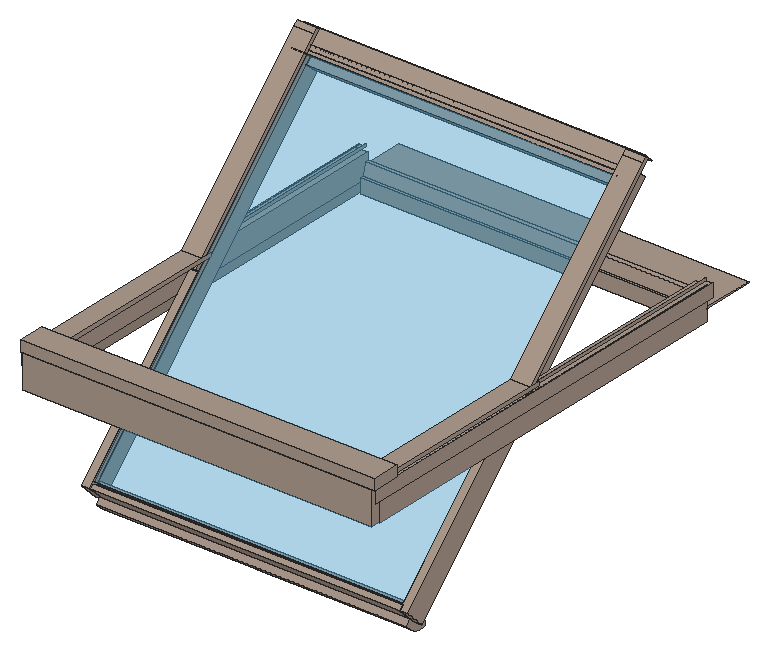
Revit family "GGU_v_1.01", category Окна, Revit 2017
Family settings
  Основа = Крыша
  Всегда вертикально = Нет
  При загрузке вырезать с полостями = Нет
  Общий = Нет
  Точка расчета площади = Нет
Parameters (values of type "Default")
  g-value = "0.66"
  Youtube clip = ""
  Window Opening Angle = 45.00°
  Window Area = 2.14
  Ширина = 1340.000 mm
  Weight Net (kg) = ""
  Warranty Years = "5 (10 with BDX)"
  Warranty = ""
  Uniclass 2.0 Description = "Roof Window Units"
  Uniclass 2.0 Code = "PR-59-72"
  Uniclass 1.4 Description = "Rooflights/Roof windows"
  Uniclass 1.4 Code = "JL11"
  URL = "http://file-system.ru/catalog/zdaniya_i_sooruzheniya/eksterer/okna/ggu_velux_premium_poliuretanovoe_mansardnoe_okno_/#close_popup_window"
  UNSPC code = 301516
  UNSPC Category = "Roofing accessories"
  ThermalTransmittance - Glazing = "1.1"
  ThermalTransmittance = "1.3"
  Thermal bridge(glazing) = 0.049
  Thermal bridge = "0.09"
  Thermal Transmittance(frame) = 1.3
  Technical description = ""
  Stock Product = ""
  Square Reveal Length = 150.000 mm
  Sound Insulation db = 32
  Roof Slope = 45.00°
  Product identifier = ""
  Product group = "GGU 1.01"
  Product family = "Center pivot hung roof window"
  Product data url = "http://www.velux.co.uk/private/products/velux_roof_windows/pivot/ggl"
  Product certification = ""
  Product SKU = "ggu101"
  Placement Height = 0.000 mm
  Perimeter Window = 5.88
  Perimeter Glazing = 5.13
  Panel Offset = -119.000 mm  # constant formula
  Operation Mode = "Manuel"
  Offset from Roof = Placement Height + 169.000 mm  # 169.000 mm
  Name of the object = "New Generation - GGU"
  NBS Reference Description = "Roof Window Units"
  NBS Reference = "59-72"
  Группа модели = "New Generation - GGU"
  Material secondary = Glass 73Q + ISD 0000
  Material main = Wood
  Manufacturer country = "Denmark"
  Manufacturer URL = "www.velux.com"
  Изготовитель = "VELUX A/S"  # constant formula
  Light transmittance = "0.80"
  Installation instructions = "http://www.velux.co.uk/professionals/installation"
  IFC Classification = "Window"
  Height = 1600.000 mm
  GlazingAreaFraction = "1.63"
  Function = "pivot hung roof window"
  Frame Area = 0.51
  Emergency Exit = 1 > 2  # no
  Edition number = "1"
  EAN code = ""
  Design country = "Denmark"
  Delivery Time = ""
  Date of publishing = "6/27/2013"
  Copyright = "VELUX A/S"  # constant formula
  COBIe Type Category = ""
  BIMobject Category = "Roof Window"
  Код по классификатору = "B3020110"
  Apron Visible [instance] = yes
  Angled opening top [instance] = 135.00°
  Angled opening bottom [instance] = 135.00°
  Angle = -(Window Opening Angle)  # -45.00°
  Allowed Roof Slope = "15°-90°"
Reference planes
  plane 1 "Center (Front/Back)": y = 0
  plane 2 "Roof": z = 4000
  plane 3 "Center (Left/Right)": x = 0
  plane 4: x = -690.1
  plane 5: x = 690.1
  plane 6: y = 817.55
  plane 7: y = -817.55
  plane 8: y = 75
  plane 9: y = -75
  plane 10: z = 4419
  plane 11: z = 4250
  plane 12: y = -797.55
  plane 13: y = -769.55
  plane 14: y = 769.55
  plane 15: x = -450
  plane 16: x = 450
  plane 17: z = 4331
  plane 18 "Roof Face": z = 4250
  plane 19: x = 463.5
  plane 20: x = -463.5
  plane 21: y = -767.45
  plane 22: z = 4175
  plane 23: y = 897.55
  plane 24: y = -897.55
  plane 25: x = 708.1
  plane 26: x = -708.1
  plane 27: x = 668.602
  plane 28: x = -668.602
  plane 29: x = -628
  plane 30: x = 628
  plane 31: y = -801.85
  plane 32: y = 809.15
  plane 33: x = 670
  plane 34: x = -670
  plane 35: y = 798.15
  plane 36: x = 642.697
  plane 37: x = -642.697
Forms (mm)
  Sweep 1, void
    path origin (0, 0, 4000) x (1, 0, 0) y (0, 1, 0)
      loop
        line (642.697, 0) -> (-642.697, 0)
    profile origin (0, 0, 4000) x (0, -1, 0) y (0, 0, 1)
      loop
        line (769.55, 250) -> (-769.55, 250) -> (-769.55, 100) -> (-869.55, 0) -> (869.55, 0) -> (769.55, 100) -> (769.55, 250)
  Sweep 2, solid, material "Wood" <- "Material main"
    path origin (232.881, -1270, 4419) x (0, -1, 0) y (1, 0, 0)
      loop
        line (-502.55, -922.981) -> (-2068.15, -922.981)
    profile origin (-690.1, 15.35, 4419) x (-1, 0, 0) y (0, 0, 1)
      loop
        line (-56.4, -216) -> (-20.1, -216) -> (-20.1, -88.8) -> (-62.1, -88.8) -> (-62.096, -177.827) -> (-56.4, -216)
  Sweep 3, solid, material "Wood" <- "Material main"
    path origin (232.881, -1270, 4419) x (0, -1, 0) y (1, 0, 0)
      loop
        line (-476.8, -922.981) -> (-2087.55, -922.981)
    profile origin (-690.1, 12.175, 4419) x (-1, 0, 0) y (0, 0, 1)
      loop
        line (-12.998, -138.3) -> (-11.998, -138.3) -> (-11.998, -87.65) -> (-38.148, -87.65) -> (-38.148, -78.15) -> (-39.148, -78.15) -> (-39.148, -88.65) -> (-12.998, -88.65) -> (-12.998, -138.3)
  Sweep 4, solid, material "Wood" <- "Material main"
    path origin (232.881, -1270, 4419) x (0, -1, 0) y (1, 0, 0)
      loop
        line (-2068.15, 457.219) -> (-502.55, 457.219)
    profile origin (690.1, 15.35, 4419) x (1, 0, 0) y (0, 0, 1)
      loop
        line (-20.1, -88.8) -> (-62.1, -88.8) -> (-62.096, -177.8) -> (-56.388, -216) -> (-20.1, -216) -> (-20.1, -88.8)
  Sweep 5, solid, material "Wood" <- "Material main"
    path origin (232.881, -1270, 4419) x (0, -1, 0) y (1, 0, 0)
      loop
        line (-452.45, -901.483) -> (-452.45, 435.721)
    profile origin (0, -817.55, 4419) x (0, 1, 0) y (0, 0, 1)
      loop
        line (31.3, -88.1) -> (15.7, -88.1) -> (15.7, -216) -> (56, -216) -> (56, -141.8) -> (39.4, -141.8) -> (39.4, -109.299) -> (31.3, -106.9) -> (31.3, -88.1)
  Sweep 6, solid, material "Wood" <- "Material main"
    path origin (232.881, -1270, 4419) x (0, -1, 0) y (1, 0, 0)
      loop
        line (-2087.55, 402.721) -> (-2087.55, -859.483)
    profile origin (4.5, 817.55, 4419) x (0, -1, 0) y (0, 0, 1)
      loop
        line (19.4, -216) -> (55.977, -216) -> (55.977, -160) -> (43.65, -160) -> (32.021, -116.6) -> (19.4, -114.078) -> (19.4, -216)
  Sweep 7, solid, material "Polyurethane color NCS 0500-N"
    path origin (232.881, -1270, 4419) x (0, -1, 0) y (1, 0, 0)
      loop
        line (-452.45, -879.381) -> (-452.45, 413.619)
    profile origin (0, -817.55, 4419) x (0, 1, 0) y (0, 0, 1)
      loop
        line (31.3, -68.816) -> (31.3, -105.016) -> (39.4, -108.113) -> (39.4, -141.8) -> (80.4, -141.8) -> (80.4, -79.8) -> (70.4, -79.8) -> (70.4, -61.1) -> (39.556, -61.1) -> (31.3, -68.816)
  Sweep 8, solid, material "Wood" <- "Material main"
    path origin (232.881, -1270, 4419) x (0, -1, 0) y (1, 0, 0)
      loop
        line (-1270, 457.219) -> (-476.8, 457.219)
    profile origin (690.1, -396.6, 4419) x (1, 0, 0) y (0, 0, 1)
      loop
        line (-22.917, -71) -> (-98.287, -71) -> (-98.287, -84.964) -> (-22.917, -84.964) -> (-22.917, -71)
  Sweep 9, solid, material "Wood" <- "Material main"
    path origin (232.881, -1270, 4419) x (0, -1, 0) y (1, 0, 0)
      loop
        line (-452.45, 445.221) -> (-452.45, -910.983)
    profile origin (0, -817.55, 4419) x (0, -1, 0) y (0, 0, 1)
      loop
        line (-120.7, -87.95) -> (-15.7, -87.95) -> (-15.7, -47.9) -> (-120.7, -47.9) -> (-120.7, -87.95)
  Sweep 10, solid, material "Wood" <- "Material main"
    path origin (232.881, -1270, 4419) x (0, -1, 0) y (1, 0, 0)
      loop
        line (-2087.55, 457.219) -> (-476.8, 457.219)
    profile origin (690.1, 12.175, 4419) x (1, 0, 0) y (0, 0, 1)
      loop
        line (-11.998, -138.3) -> (-11.998, -87.65) -> (-38.148, -87.65) -> (-38.148, -78.15) -> (-39.148, -78.15) -> (-39.148, -88.65) -> (-12.998, -88.65) -> (-12.998, -138.3) -> (-11.998, -138.3)
  Sweep 11, solid, material "Wood" <- "Material main"
    path origin (232.881, -1270, 4419) x (0, -1, 0) y (1, 0, 0)
      loop
        line (-1270, -922.981) -> (-476.8, -922.981)
    profile origin (-690.1, -396.6, 4419) x (1, 0, 0) y (0, 0, 1)
      loop
        line (98.287, -71) -> (22.917, -71) -> (22.917, -84.964) -> (98.287, -84.964) -> (98.287, -71)
  Extrusion 12, solid, material "Wood" <- "Material main", visible <- "Apron Visible"
    sketch origin (232.881, -1380, 4250) x (0, -1, 0) y (1, 0, 0)
      loop
        line (-2178.15, -902.881) -> (-2178.15, 437.119) -> (-2378.15, 437.119) -> (-2378.15, -902.881) -> (-2178.15, -902.881)
    from 0 to 5
Cuts and joins
  joined: Sweep 2, Sweep 4, Sweep 5, Sweep 6
Lines and regions (mm)
  reference lines
    curve 1: line (0, 769.55, 4100) -> (0, -769.55, 4100)
    curve 2: line (0, 769.55, 4100) -> (0, 1179.961, 3689.589)
    curve 3: line (0, -769.55, 4100) -> (0, -1208.246, 3661.304)
    curve 8: line (-690.1, 0, 4419) -> (690.1, 0, 4419)
    curve 9: line (0, 0, 3613.604) -> (0, 636.396, 4250)
  symbolic lines
    curve 4: line (-690.1, 817.55, 4000) -> (0, -75, 4000)
    curve 5: line (0, -75, 4000) -> (690.1, 817.55, 4000)
    curve 6: line (-690.1, -817.55, 4000) -> (0, 75, 4000)
    curve 7: line (0, 75, 4000) -> (690.1, -817.55, 4000)
Dimensions and locks
  equal spacing: host sketch curve, plane 3 "Center (Left/Right)", host sketch curve
  equal spacing: host sketch curve, plane 1 "Center (Front/Back)", host sketch curve
  equal spacing: plane 4, plane 3 "Center (Left/Right)", plane 5
  "Ширина": plane 34 to plane 33
  equal spacing: plane 6, plane 1 "Center (Front/Back)", plane 7
  "Height": plane 35 to plane 31
  "Square Reveal Length": plane 18 "Roof Face" to curve 1
  plane 8 to plane 1 "Center (Front/Back)" to plane 9 = 75.000 mm locked, 75.000 mm locked
  locked: plane 7 to plane 12 at 20
  locked: plane 16 to plane 19 at 13.5
  locked: plane 20 to plane 15 at 13.5
  locked: plane 21 to plane 13 at 2.1
  locked: plane 27 to plane 5 at 21.498
  locked: plane 4 to plane 28 at 21.498
  locked: plane 13 to plane 24 at 128
  locked: plane 23 to plane 14 at 128
  locked: plane 7 to plane 13 at 48
  locked: plane 26 to plane 4 at 18
  locked: plane 5 to plane 25 at 18
  locked: plane 23 to plane 6 at 80
  locked: plane 10 to plane 11 at 169
  "Offset from Roof": plane 10 to host roof
  locked: plane 4 to plane 29 at 62.1
  locked: plane 30 to plane 5 at 62.1
  locked: plane 6 to plane 32 at 8.4
  locked: plane 31 to plane 12 at 4.3
  locked: plane 4 to plane 34 at 20.1
  locked: plane 33 to plane 5 at 20.1
  locked: Extrusion 12 sketch curve to Extrusion 12 sketch curve at 200
  locked: plane 32 to plane 35 at 11
  locked: plane 37 to plane 29 at 14.697
  locked: plane 36 to plane 30 at 14.697
  "Angled opening bottom": angle curve 2 to curve 1
  "Angled opening top": angle curve 1 to curve 3
  "Window Opening Angle": angle plane 11 to curve 9
  aligned and locked: level to plane 2 "Roof"
  aligned and locked: Sweep 1 sketch curve to plane 1 "Center (Front/Back)"
  aligned and locked: host roof to Sweep 1 sketch curve  (x2)
  aligned and locked: Sweep 1 sketch curve to curve 2
  aligned and locked: Sweep 1 sketch curve to curve 3
  aligned and locked: Sweep 2 sketch curve to plane 4
  aligned and locked: Sweep 3 sketch curve to plane 4
  aligned and locked: plane 6 to Sweep 3 sketch curve
  aligned and locked: Sweep 4 sketch curve to plane 5
  aligned and locked: Sweep 6 sketch curve to plane 6
  aligned and locked: Sweep 7 sketch curve to plane 7
  aligned and locked: plane 1 "Center (Front/Back)" to Sweep 8 sketch curve
  aligned and locked: Sweep 9 sketch curve to plane 7
  aligned and locked: Sweep 10 sketch curve to plane 5
  aligned and locked: Sweep 10 sketch curve to plane 6
  aligned and locked: Sweep 9 sketch curve to Sweep 10
  aligned and locked: Sweep 3 to Sweep 9 sketch curve
  aligned and locked: plane 1 "Center (Front/Back)" to Sweep 11 sketch curve
  aligned and locked: plane 13 to curve 1
  aligned and locked: Sweep 1 sketch curve to plane 13
  aligned and locked: plane 14 to Sweep 1 sketch curve
  aligned and locked: plane 14 to curve 1
  aligned and locked: plane 14 to curve 2
  aligned and locked: Sweep 4 sketch curve to plane 21
  aligned and locked: plane 21 to Sweep 2 sketch curve
  aligned and locked: Sweep 5 sketch curve to plane 27
  aligned and locked: plane 28 to Sweep 5 sketch curve
  aligned and locked: host roof to plane 18 "Roof Face"
  aligned and locked: plane 34 to Extrusion 12 sketch curve
  aligned and locked: Extrusion 12 sketch curve to plane 33
  aligned and locked: Sweep 6 sketch curve to plane 35
  aligned and locked: plane 35 to Sweep 2 sketch curve
  aligned and locked: Sweep 4 sketch curve to plane 35
  aligned and locked: Extrusion 12 sketch curve to plane 35
  aligned and locked: plane 34 to Sweep 2 sketch curve
  aligned and locked: plane 37 to Sweep 1 sketch curve
  aligned and locked: plane 36 to Sweep 1 sketch curve
Automatic sketch dimensions
  plane 1 "Center (Front/Back)" to curve 8 = 0.000 mm
  curve 8 to plane 5 = 0.000 mm
  plane 4 to curve 8 = 0.000 mm
  profile plane to Sweep 3 sketch curve = 39.148 mm
  Sweep 3 sketch curve to Sweep 3 sketch curve = 1.000 mm  (x3)
  profile plane to Sweep 3 sketch curve = 12.998 mm
  Sweep 3 sketch curve to profile plane = 138.300 mm
  Sweep 3 sketch curve to Sweep 3 sketch curve = 49.650 mm
  Sweep 3 sketch curve to Sweep 3 sketch curve = 9.500 mm
  plane 7 to Sweep 5 sketch curve = 0.000 mm
  Sweep 6 sketch curve to plane 4 = 63.498 mm
  profile plane to Sweep 10 sketch curve = 39.148 mm
  Sweep 10 sketch curve to Sweep 10 sketch curve = 1.000 mm  (x3)
  profile plane to Sweep 10 sketch curve = 12.998 mm
  Sweep 10 sketch curve to profile plane = 138.300 mm
  Sweep 10 sketch curve to profile plane = 88.650 mm
  Sweep 10 sketch curve to Sweep 10 sketch curve = 9.500 mm
  curve 6 to plane 7 = 0.000 mm
  curve 4 to plane 6 = 0.000 mm
  curve 7 to plane 8 = 0.000 mm
  curve 5 to plane 3 "Center (Left/Right)" = 0.000 mm
  curve 7 to plane 5 = 0.000 mm
  curve 5 to plane 5 = 0.000 mm
  plane 7 to curve 7 = 0.000 mm
  plane 9 to curve 5 = 0.000 mm
  plane 6 to curve 5 = 0.000 mm
  curve 6 to plane 3 "Center (Left/Right)" = 0.000 mm
  plane 4 to curve 4 = 0.000 mm
  plane 4 to curve 6 = 0.000 mm
  Sweep 8 sketch curve to plane 5 = 0.000 mm
  Sweep 11 sketch curve to profile plane = 22.917 mm
  Sweep 11 sketch curve to Sweep 11 sketch curve = 75.370 mm
  Sweep 11 sketch curve to plane 10 = 84.964 mm
  Sweep 11 sketch curve to Sweep 11 sketch curve = 13.964 mm
  profile plane to Sweep 8 sketch curve = 98.287 mm
  profile plane to Sweep 8 sketch curve = 22.917 mm
  Sweep 8 sketch curve to profile plane = 84.964 mm
  Sweep 8 sketch curve to Sweep 8 sketch curve = 13.964 mm
  profile plane to Sweep 9 sketch curve = 120.700 mm
  Sweep 11 sketch curve to plane 4 = 0.000 mm
  Sweep 10 sketch curve to plane 7 = 24.350 mm
  Sweep 3 sketch curve to plane 7 = 24.350 mm
  profile plane to Sweep 4 sketch curve = 20.100 mm
  Sweep 6 sketch curve to plane 5 = 54.498 mm
  Sweep 7 sketch curve to profile plane = 31.300 mm
  Sweep 7 sketch curve to Sweep 7 sketch curve = 8.100 mm
  Sweep 7 sketch curve to Sweep 7 sketch curve = 8.256 mm
  Sweep 7 sketch curve to Sweep 7 sketch curve = 30.844 mm
  Sweep 7 sketch curve to Sweep 7 sketch curve = 10.000 mm
  Sweep 7 sketch curve to profile plane = 141.800 mm
  Sweep 7 sketch curve to Sweep 7 sketch curve = 33.687 mm
  Sweep 7 sketch curve to Sweep 7 sketch curve = 3.097 mm
  Sweep 7 sketch curve to Sweep 7 sketch curve = 36.200 mm
  Sweep 7 sketch curve to Sweep 7 sketch curve = 7.716 mm
  Sweep 7 sketch curve to Sweep 7 sketch curve = 18.700 mm
  Sweep 9 sketch curve to profile plane = 47.900 mm
  Sweep 9 sketch curve to Sweep 9 sketch curve = 40.050 mm
  Sweep 8 sketch curve to plane 12 = 4.350 mm
  Sweep 11 sketch curve to plane 12 = 4.350 mm
  profile plane to Sweep 9 sketch curve = 15.700 mm
  profile plane to Sweep 2 sketch curve = 62.100 mm
  profile plane to Sweep 2 sketch curve = 62.096 mm
  Sweep 2 sketch curve to Sweep 2 sketch curve = 5.696 mm
  Sweep 2 sketch curve to profile plane = 88.800 mm
  Sweep 2 sketch curve to Sweep 2 sketch curve = 127.200 mm
  Sweep 2 sketch curve to Sweep 2 sketch curve = 38.173 mm
  Sweep 2 sketch curve to Sweep 2 sketch curve = 0.000 mm
  Sweep 7 sketch curve to plane 29 = 18.500 mm
  Sweep 4 sketch curve to Sweep 4 sketch curve = 38.200 mm
  Sweep 4 sketch curve to Sweep 4 sketch curve = 42.000 mm
  Sweep 4 sketch curve to Sweep 4 sketch curve = 41.996 mm
  Sweep 4 sketch curve to Sweep 4 sketch curve = 36.288 mm
  Sweep 4 sketch curve to profile plane = 216.000 mm
  Sweep 4 sketch curve to Sweep 4 sketch curve = 0.000 mm
  Sweep 4 sketch curve to profile plane = 88.800 mm
  Sweep 7 sketch curve to plane 30 = 18.500 mm
  Sweep 5 sketch curve to profile plane = 15.700 mm
  Sweep 5 sketch curve to Sweep 5 sketch curve = 15.600 mm
  Sweep 5 sketch curve to Sweep 5 sketch curve = 8.100 mm
  Sweep 5 sketch curve to Sweep 5 sketch curve = 16.600 mm
  Sweep 5 sketch curve to profile plane = 216.000 mm
  Sweep 5 sketch curve to Sweep 5 sketch curve = 74.200 mm
  Sweep 5 sketch curve to Sweep 5 sketch curve = 32.501 mm
  Sweep 5 sketch curve to Sweep 5 sketch curve = 2.399 mm
  Sweep 5 sketch curve to Sweep 5 sketch curve = 18.800 mm
  Sweep 6 sketch curve to Sweep 6 sketch curve = 12.621 mm
  Sweep 6 sketch curve to profile plane = 43.650 mm
  Sweep 6 sketch curve to Sweep 6 sketch curve = 12.327 mm
  Sweep 6 sketch curve to profile plane = 216.000 mm
  Sweep 6 sketch curve to Sweep 6 sketch curve = 56.000 mm
  Sweep 6 sketch curve to Sweep 6 sketch curve = 43.400 mm
  Sweep 6 sketch curve to Sweep 6 sketch curve = 2.522 mm
  curve 9 to plane 1 "Center (Front/Back)" = 0.000 mm
  plane 11 to curve 9 = 0.000 mm
Nested families
  nested 1: "GGL v.22_Openable" at (0, 0, 4131) x (-1, 0, 0) z (0, 0, 1), built-in parameter 1001364 <- "Panel Offset", type "GGL v.22_Openable"
Definition of nested family "GGL v.22_Openable"
  Parameters
    Window Opening Angle = 45.00°
    Width = 1340.000 mm
    Material Internal = none
    Material External = none
    Height = 1600.000 mm
    Glazing = none
    Default Elevation = 1219.200 mm
    Assembly Code = ""
  Reference planes
    plane 1 "Center (Front/Back)": y = 0
    plane 2: z = 0
    plane 3 "Center (Left/Right)": x = 0
    plane 4: z = 119
  Forms (mm)
    Sweep 1, solid, material <- "Material Internal"
      path origin (0, 0, 119) x (0, -0.707107, 0.707107) y (1, 0, 0)
        loop
          line (-817.55, 593.9) -> (-817.55, -593.9)
      profile origin (0, 578.095, -459.095) x (0, -0.707107, 0.707107) y (0, 0.707107, 0.707107)
        loop
          line (85.072, 11.857) -> (60.5, 7.745) -> (60.5, -18.705) -> (115.096, -18.705) -> (122.727, 53.9) -> (103.6, 53.9) -> (103.6, 79.9) -> (85.072, 79.9) -> (85.072, 11.857)
        loop
          circle (94.835, -64.876) r 11.99
    Sweep 2, solid, material <- "Material Internal"
      path origin (0, 0, 119) x (0, -0.707107, 0.707107) y (1, 0, 0)
        loop
          line (817.55, -593.9) -> (817.55, 593.9)
      profile origin (0, -578.095, 697.095) x (0, 0.707107, -0.707107) y (0, 0.707107, 0.707107)
        loop
          line (41.589, -12.8) -> (103.517, -12.8) -> (110.526, 53.892) -> (69.398, 53.892) -> (69.398, 83.3) -> (54.407, 83.3) -> (53.746, 79.556) -> (-4.292, 79.556) -> (-3.889, 64.189) -> (41.589, 55.102) -> (41.589, -12.8)
    Sweep 3, solid, material <- "Material Internal"
      path origin (0, 0, 119) x (0, -0.707107, 0.707107) y (1, 0, 0)
        loop
          line (775.961, 690.1) -> (-732.55, 690.1)
      profile origin (690.1, -15.348, 134.348) x (-1, 0, 0) y (0, 0.707107, 0.707107)
        loop
          line (65.2, -12.8) -> (96.2, -12.8) -> (96.2, 79.9) -> (65.2, 79.9) -> (65.2, -12.8)
    Sweep 4, solid, material <- "Material Internal"
      path origin (0, 0, 119) x (0, -0.707107, 0.707107) y (1, 0, 0)
        loop
          line (-732.55, -690.1) -> (775.961, -690.1)
      profile origin (-690.1, -15.348, 134.348) x (1, 0, 0) y (0, 0.707107, 0.707107)
        loop
          line (96.2, -12.8) -> (96.2, 79.9) -> (65.2, 79.9) -> (65.2, -12.8) -> (96.2, -12.8)
    Extrusion 5, solid, material <- "Glazing"
      sketch origin (0, 0, 119) x (0, -0.707107, 0.707107) y (1, 0, 0)
        loop
          line (745.55, 593.1) -> (-707.55, 593.1) -> (-707.55, -593.1) -> (745.55, -593.1) -> (745.55, 593.1)
      from 54 to 58
    Extrusion 6, solid, material <- "Glazing"
      sketch origin (0, 0, 119) x (0, -0.707107, 0.707107) y (1, 0, 0)
        loop
          line (745.55, 593.1) -> (-707.55, 593.1) -> (-707.55, -593.1) -> (745.55, -593.1) -> (745.55, 593.1)
      from 75.5 to 79.5
    Sweep 7, solid, material <- "Material External"
      path origin (0, 0, 119) x (0, -0.707107, 0.707107) y (1, 0, 0)
        loop
          line (817.55, -650.5) -> (817.55, 650.5)
      profile origin (0, -578.095, 697.095) x (0, 0.707107, -0.707107) y (0, 0.707107, 0.707107)
        loop
          arc (83.524, 81.097) -> (76.247, 83.416) -> (68.65, 84.2) r 37.2
          line (68.65, 84.2) -> (51.813, 84.2) -> (51.171, 80.556) -> (-6.8, 80.556) -> (-6.8, 30.3) -> (-5.8, 30.3) -> (-5.8, 79.556) -> (52.01, 79.556) -> (52.652, 83.2) -> (68.65, 83.2)
          arc (68.65, 83.2) -> (76.194, 82.405) -> (83.406, 80.056) r 36.2
          line (83.406, 80.056) -> (83.524, 81.097)
    Sweep 8, solid, material <- "Material External"
      path origin (0, 0, 119) x (0, -0.707107, 0.707107) y (1, 0, 0)
        loop
          line (817.55, 690.1) -> (0, 690.1)
      profile origin (690.1, -289.048, 408.048) x (-1, 0, 0) y (0, 0.707107, 0.707107)
        loop
          line (98.287, 84.036) -> (98.287, 98) -> (22.917, 98) -> (22.917, 84.036) -> (98.287, 84.036)
    Sweep 9, solid, material <- "Material External"
      path origin (0, 0, 119) x (0, -0.707107, 0.707107) y (1, 0, 0)
        loop
          line (0, -690.1) -> (817.55, -690.1)
      profile origin (-690.1, -289.048, 408.048) x (1, 0, 0) y (0, 0.707107, 0.707107)
        loop
          line (22.917, 84.036) -> (98.287, 84.036) -> (98.287, 98) -> (22.917, 98) -> (22.917, 84.036)
    Sweep 10, solid, material <- "Material Internal"
      path origin (0, 0, 119) x (0, -0.707107, 0.707107) y (1, 0, 0)
        loop
          line (-757.05, -593.9) -> (-757.05, -578.9)
      profile origin (-586.4, 535.315, -416.315) x (0, 0.707107, -0.707107) y (0, 0.707107, 0.707107)
        loop
          arc (-45.33, -60.094) -> (-41.079, -74.789) -> (-25.85, -73.347) r 11.99
          arc (-25.85, -73.347) -> (-8.284, -48.221) -> (0, -18.705) r 91.534
          line (0, -18.705) -> (-44.831, -18.705)
          arc (-44.831, -18.705) -> (-38.204, -39.482) -> (-45.33, -60.094) r 34.582
    Sweep 11, solid, material <- "Material Internal"
      path origin (0, 0, 119) x (0, -0.707107, 0.707107) y (1, 0, 0)
        loop
          line (-757.05, 593.9) -> (-757.05, 578.9)
      profile origin (586.4, 535.315, -416.315) x (0, -0.707107, 0.707107) y (0, 0.707107, 0.707107)
        loop
          arc (45.33, -60.094) -> (38.204, -39.482) -> (44.831, -18.705) r 34.582
          line (44.831, -18.705) -> (0, -18.705)
          arc (0, -18.705) -> (8.284, -48.221) -> (25.85, -73.347) r 91.534
          arc (25.85, -73.347) -> (41.079, -74.789) -> (45.33, -60.094) r 11.99
    Sweep 12, solid, material <- "Material Internal"
      path origin (0, 0, 119) x (0, -0.707107, 0.707107) y (1, 0, 0)
        loop
          line (-817.55, 7.5) -> (-817.55, -7.5)
      profile origin (0, 578.095, -459.095) x (0, -0.707107, 0.707107) y (0, 0.707107, 0.707107)
        loop
          arc (105.83, -60.094) -> (98.704, -39.482) -> (105.331, -18.705) r 34.582
          line (105.331, -18.705) -> (60.5, -18.705)
          arc (60.5, -18.705) -> (68.784, -48.221) -> (86.35, -73.347) r 91.534
          arc (86.35, -73.347) -> (101.579, -74.789) -> (105.83, -60.094) r 11.99
    Sweep 13, void
      path origin (667.183, -508.799, 766.392) x (0, 0.707107, -0.707107) y (-1, 0, 0)
        loop
          line (0, 0) -> (0, 75.37)
      profile origin (629.498, -508.799, 766.392) x (0, -0.707107, 0.707107) y (0, 0.707107, 0.707107)
        loop
          line (0, 0) -> (-20, 0) -> (0, -3.5) -> (0, 0)
    Sweep 14, void
      path origin (-667.183, 69.296, 188.296) x (0, -0.707107, 0.707107) y (1, 0, 0)
        loop
          line (817.55, 0) -> (817.55, 75.37)
      profile origin (-629.498, -508.799, 766.392) x (0, 0.707107, -0.707107) y (0, 0.707107, 0.707107)
        loop
          line (0, 0) -> (0, -3.5) -> (20, 0) -> (0, 0)
  Cuts and joins
    joined: Sweep 1, Sweep 10, Sweep 11, Sweep 12
    Sweep 13, Sweep 14 cuts Sweep 2
    Sweep 13, Sweep 14 cuts Sweep 7
    Sweep 13 cuts Sweep 8
    Sweep 14 cuts Sweep 9
  Lines and regions (mm)
    reference lines
      curve 1: line (0, 0, 119) -> (0, -1187.939, 1306.939)
      curve 2: line (0, 0, 119) -> (0, 664.68, 783.68)
      curve 3: line (690.1, -578.095, 697.095) -> (690.1, 578.095, -459.095)
      curve 4: line (-690.1, -578.095, 697.095) -> (690.1, -578.095, 697.095)
      curve 5: line (-690.1, 578.095, -459.095) -> (-690.1, -578.095, 697.095)
      curve 6: line (690.1, 578.095, -459.095) -> (-690.1, 578.095, -459.095)
      curve 7: line (0, 0, 119) -> (-360, 0, 119)
      curve 8: line (-690.1, -527.183, 646.183) -> (690.1, -527.183, 646.183)
      curve 9: line (690.1, 500.313, -381.313) -> (-690.1, 500.313, -381.313)
      curve 10: line (593.1, -578.095, 697.095) -> (593.1, 500.313, -381.313)
      curve 11: line (-593.1, 500.313, -381.313) -> (-593.1, -578.095, 697.095)
      curve 12: line (690.1, 517.991, -398.991) -> (-690.1, 517.991, -398.991)
      curve 13: line (690.1, 566.994, -447.994) -> (-690.1, 566.994, -447.994)
      curve 14: line (-690.1, -572.155, 691.155) -> (690.1, -572.155, 691.155)
      curve 15: line (670, -578.095, 697.095) -> (670, 578.095, -459.095)
      curve 16: line (-670, 578.095, -459.095) -> (-670, -578.095, 697.095)
      curve 17: line (-690.1, -564.377, 683.377) -> (690.1, -564.377, 683.377)
  Dimensions and locks
    locked: plane 4 to level at 119
    equal spacing: curve 5, curve 1, curve 3
    "Width": curve 16 to curve 15
    equal spacing: curve 6, curve 7, curve 4
    "Height": curve 17 to curve 13
    locked: curve 4 to curve 8 at 72
    locked: curve 6 to curve 9 at 110
    locked: curve 10 to curve 3 at 97
    locked: curve 5 to curve 11 at 97
    locked: curve 4 to Sweep 3 sketch curve at 41.589
    locked: curve 4 to Sweep 4 sketch curve at 41.589
    locked: curve 6 to curve 12 at 85
    locked: Sweep 10 sketch curve to cut or joined group of Sweep 1, Sweep 10, Sweep 11, Sweep 12 at 15
    locked: Sweep 11 sketch curve to cut or joined group of Sweep 1, Sweep 10, Sweep 11, Sweep 12 at 15
    Sweep 12 sketch curve to curve 1 to Sweep 12 sketch curve = 7.500 mm locked, 7.500 mm locked
    locked: curve 4 to curve 14 at 8.4
    locked: curve 6 to curve 13 at 15.7
    locked: curve 15 to curve 3 at 20.1
    locked: curve 5 to curve 16 at 20.1
    locked: curve 14 to curve 17 at 11
    locked: Sweep 3 to Sweep 7 sketch curve at 56.6
    locked: Sweep 7 sketch curve to Sweep 4 at 56.6
    "Window Opening Angle": angle plane 4 to curve 1
    locked: curve 1 to curve 2 (angle 90.00°)
    locked: curve 7 to curve 1 (angle 90.00°)
    locked: curve 7 to curve 2 (angle 90.00°)
    aligned and locked: level to plane 2
    aligned and locked: curve 6 to Sweep 1 sketch curve
    aligned and locked: curve 4 to Sweep 2 sketch curve
    aligned and locked: curve 3 to Sweep 3 sketch curve
    aligned and locked: curve 5 to Sweep 4 sketch curve
    aligned and locked: curve 10 to Extrusion 5 sketch curve
    aligned and locked: curve 8 to Extrusion 5 sketch curve
    aligned and locked: Extrusion 5 sketch curve to curve 11
    aligned and locked: curve 9 to Extrusion 5 sketch curve
    aligned and locked: curve 10 to Extrusion 6 sketch curve
    aligned and locked: curve 8 to Extrusion 6 sketch curve
    aligned and locked: Extrusion 6 sketch curve to curve 11
    aligned and locked: curve 9 to Extrusion 6 sketch curve
    aligned and locked: curve 4 to Sweep 7 sketch curve
    aligned and locked: curve 3 to Sweep 8 sketch curve
    aligned and locked: curve 5 to Sweep 9 sketch curve
    aligned and locked: Sweep 9 sketch curve to curve 4
    aligned and locked: curve 7 to Sweep 9 sketch curve
    aligned and locked: curve 4 to Sweep 8 sketch curve
    aligned and locked: Sweep 8 sketch curve to curve 7
    aligned and locked: Sweep 3 sketch curve to curve 12
    aligned and locked: curve 12 to Sweep 4 sketch curve
    aligned and locked: Sweep 10 sketch curve to cut or joined group of Sweep 1, Sweep 10, Sweep 11, Sweep 12  (x2)
    aligned and locked: cut or joined group of Sweep 1, Sweep 10, Sweep 11, Sweep 12 to Sweep 11 sketch curve
    aligned and locked: Sweep 11 sketch curve to cut or joined group of Sweep 1, Sweep 10, Sweep 11, Sweep 12
    aligned and locked: curve 6 to Sweep 12 sketch curve
    aligned and locked: Sweep 13 sketch curve to Sweep 8  (x3)
    aligned and locked: Sweep 8 to Sweep 13 sketch curve
    aligned and locked: profile plane to Sweep 13 sketch curve
    aligned and locked: Sweep 14 sketch curve to Sweep 9  (x3)
    aligned and locked: Sweep 9 to Sweep 14 sketch curve
    aligned and locked: profile plane to Sweep 14 sketch curve
    aligned and locked: Sweep 2 sketch curve to Sweep 4
    aligned and locked: Sweep 3 to Sweep 2 sketch curve
    aligned and locked: Sweep 4 to Sweep 1 sketch curve
    aligned and locked: Sweep 1 sketch curve to Sweep 3
  Automatic sketch dimensions
    curve 2 to plane 1 "Center (Front/Back)" = 0.000 mm
    curve 2 to plane 4 = 0.000 mm
    curve 7 to curve 1 = 0.000 mm
    curve 7 to curve 1 = 360.000 mm
    profile plane to Sweep 1 sketch curve = 7.745 mm
    Sweep 1 sketch curve to profile plane = 60.500 mm
    profile plane to Sweep 1 sketch curve = 11.857 mm
    Sweep 1 sketch curve to Sweep 1 sketch curve = 24.572 mm
    Sweep 1 sketch curve to Sweep 1 sketch curve = 34.335 mm
    Sweep 1 sketch curve to Sweep 1 sketch curve = 18.528 mm
    Sweep 1 sketch curve to profile plane = 18.705 mm
    Sweep 1 sketch curve to Sweep 1 sketch curve = 30.024 mm
    profile plane to Sweep 1 sketch curve = 53.900 mm
    Sweep 1 sketch curve to Sweep 1 sketch curve = 19.127 mm
    Sweep 1 sketch curve to Sweep 1 sketch curve = 46.170 mm
    Sweep 1 sketch curve to Sweep 1 sketch curve = 26.000 mm
    profile plane to Sweep 2 sketch curve = 4.292 mm
    profile plane to Sweep 2 sketch curve = 3.889 mm
    Sweep 2 sketch curve to profile plane = 12.800 mm
    Sweep 2 sketch curve to profile plane = 41.589 mm
    Sweep 2 sketch curve to Sweep 2 sketch curve = 12.158 mm
    Sweep 2 sketch curve to Sweep 2 sketch curve = 0.660 mm
    Sweep 2 sketch curve to Sweep 2 sketch curve = 27.809 mm
    Sweep 2 sketch curve to Sweep 2 sketch curve = 61.928 mm
    profile plane to Sweep 2 sketch curve = 53.892 mm
    Sweep 2 sketch curve to Sweep 2 sketch curve = 41.128 mm
    Sweep 2 sketch curve to Sweep 2 sketch curve = 1.210 mm
    Sweep 2 sketch curve to Sweep 2 sketch curve = 9.087 mm
    Sweep 2 sketch curve to Sweep 2 sketch curve = 15.367 mm
    Sweep 2 sketch curve to Sweep 2 sketch curve = 3.744 mm
    Sweep 7 sketch curve to Sweep 7 sketch curve = 0.000 mm  (x2)
    profile plane to Sweep 7 sketch curve = 6.800 mm
    Sweep 7 sketch curve to Sweep 7 sketch curve = 1.000 mm  (x2)
    Sweep 7 sketch curve to profile plane = 51.171 mm
    Sweep 7 sketch curve to Sweep 7 sketch curve = 0.643 mm
    Sweep 7 sketch curve to Sweep 7 sketch curve = 0.839 mm  (x2)
    Sweep 7 sketch curve to Sweep 7 sketch curve = 15.998 mm
    Sweep 7 sketch curve to Sweep 7 sketch curve = 14.756 mm
    Sweep 7 sketch curve to Sweep 7 sketch curve = 0.118 mm
    profile plane to Sweep 7 sketch curve = 30.300 mm
    profile plane to Sweep 7 sketch curve = 47.000 mm
    Sweep 7 sketch curve to Sweep 7 sketch curve = 32.556 mm
    Sweep 7 sketch curve to Sweep 7 sketch curve = 0.500 mm
    Sweep 7 sketch curve to Sweep 7 sketch curve = 1.041 mm
    Sweep 8 sketch curve to profile plane = 22.917 mm
    Sweep 8 sketch curve to Sweep 8 sketch curve = 75.370 mm
    profile plane to Sweep 8 sketch curve = 84.036 mm
    Sweep 8 sketch curve to Sweep 8 sketch curve = 13.964 mm
    Sweep 9 sketch curve to profile plane = 22.917 mm
    Sweep 9 sketch curve to Sweep 9 sketch curve = 75.370 mm
    profile plane to Sweep 9 sketch curve = 84.036 mm
    Sweep 9 sketch curve to Sweep 9 sketch curve = 13.964 mm
    Sweep 10 sketch curve to profile plane = 0.000 mm
    profile plane to Sweep 10 sketch curve = 25.850 mm
    Sweep 10 sketch curve to Sweep 10 sketch curve = 8.485 mm
    Sweep 10 sketch curve to profile plane = 18.705 mm
    profile plane to Sweep 10 sketch curve = 44.831 mm
    Sweep 10 sketch curve to Sweep 10 sketch curve = 10.995 mm
    Sweep 10 sketch curve to Sweep 10 sketch curve = 27.454 mm
    Sweep 10 sketch curve to profile plane = 9.078 mm
    Sweep 10 sketch curve to Sweep 10 sketch curve = 18.243 mm
    Sweep 10 sketch curve to Sweep 10 sketch curve = 8.471 mm
    profile plane to Sweep 11 sketch curve = 0.000 mm
    Sweep 11 sketch curve to profile plane = 25.850 mm
    Sweep 11 sketch curve to Sweep 11 sketch curve = 8.485 mm
    Sweep 11 sketch curve to profile plane = 18.705 mm
    Sweep 11 sketch curve to Sweep 11 sketch curve = 44.831 mm
    Sweep 11 sketch curve to Sweep 11 sketch curve = 10.995 mm
    Sweep 11 sketch curve to Sweep 11 sketch curve = 27.454 mm
    Sweep 11 sketch curve to profile plane = 9.078 mm
    Sweep 11 sketch curve to Sweep 11 sketch curve = 18.243 mm
    Sweep 11 sketch curve to Sweep 11 sketch curve = 8.471 mm
    Sweep 12 sketch curve to profile plane = 18.705 mm
    Sweep 12 sketch curve to profile plane = 60.500 mm
    Sweep 12 sketch curve to Sweep 12 sketch curve = 25.850 mm
    Sweep 12 sketch curve to Sweep 12 sketch curve = 8.485 mm
    Sweep 12 sketch curve to Sweep 12 sketch curve = 44.831 mm
    Sweep 12 sketch curve to Sweep 12 sketch curve = 10.995 mm
    Sweep 12 sketch curve to Sweep 12 sketch curve = 27.454 mm
    Sweep 12 sketch curve to profile plane = 9.078 mm
    Sweep 12 sketch curve to Sweep 12 sketch curve = 18.243 mm
    Sweep 12 sketch curve to Sweep 12 sketch curve = 8.471 mm
    profile plane to Sweep 13 sketch curve = 20.000 mm
    Sweep 13 sketch curve to Sweep 13 sketch curve = 3.500 mm
    Sweep 14 sketch curve to profile plane = 20.000 mm
    Sweep 14 sketch curve to Sweep 14 sketch curve = 3.500 mm
    Sweep 3 sketch curve to profile plane = 12.800 mm
    Sweep 3 sketch curve to profile plane = 65.200 mm
    Sweep 4 sketch curve to Sweep 4 sketch curve = 31.000 mm
    Sweep 4 sketch curve to profile plane = 65.200 mm
    Sweep 4 sketch curve to Sweep 4 sketch curve = 92.700 mm
    Sweep 4 sketch curve to profile plane = 12.800 mm
    Sweep 3 sketch curve to Sweep 3 sketch curve = 31.000 mm
    profile plane to Sweep 3 sketch curve = 79.900 mm
    radius of Sweep 1 sketch curve = 11.990 mm
